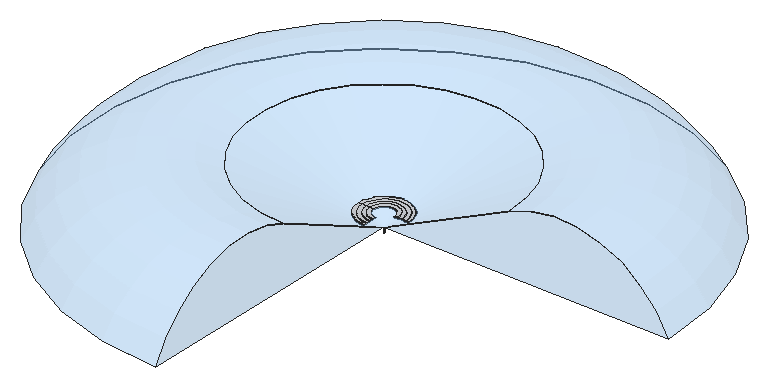
Revit family "HUNTER_I-25-04", category Sprinklers, Revit 2017
Family settings
  Maintain Annotation Orientation = No
  Round Connector Dimension = Use Diameter
  Part Type = Normal
  OmniClass Number = 23.11.27.15.11.11
  OmniClass Title = Installed Sprinkler Heads
  Work Plane-Based = No
  Always vertical = Yes
  Cut with Voids When Loaded = No
  Shared = Yes
  Room Calculation Point = No
Parameters (values of type "I-25-04-High speed 25 Dk. Blue-6.0bar-19.80m")
  Water Pattern = Water Arc : Water Arc
  Water = Water
  Valid Trajectory Arc [instance] = if(Trajectory Arc < Arc Min, Arc Min, if(Trajectory Arc > Arc Max, Arc Max, Trajectory Arc))  # 270.00°
  URL = "https://www.hunterindustries.com/irrigation-product/rotors/i-25"
  Type Image = <None>
  Type Comments = "Rotor I-25-04 with Plastic Riser"
  Trajectory Ref [instance] = (if(Trajectory Arc < Arc Min, Arc Min, if(Trajectory Arc > Arc Max, Arc Max, Trajectory Arc))) / 1.00°  # 270
  Trajectory Radius = 19800.000 mm
  Trajectory Angle = 25.00°  # constant formula
  Symbol = I-25-04 Symbol : I-25-04 Symbol
  Show Water Spray = yes
  Show 2D Symbol = yes
  Riser Material = I-25-04 : I-25-04
  Pressure = 600.0 kPa
  Precipitation Rate = "34 mm/hr"
  Pop Up Material = Hunter® ABS Plastic
  Pop Up Height = 100.000 mm  # constant formula
  Nozzle Tag = "I-25-04-High Speed 25 Dk. Blue"
  Model = "I-25-04-High Speed 25 Dk. Blue"
  Keynote = "328423.02"
  Inlet Size = "1\" BSP"
  Connection_Dia = 30.000 mm  # constant formula
  Nozzle Size = "Hunter® (25 Dk. Blue) High Speed Nozzle"
  Exposed Diameter = 50.000 mm  # constant formula
  Body Material = Hunter® ABS Plastic
  Manufacturer = "Hunter® Industries"
  Product Flow [instance] = 110.0 L/min
  Diameter = 609.6 mm
  Description = "Hunter I-25-04 Rotor Body with Preinstalled Check in Valve and (25 Dk. Blue) High Speed Nozzle"
  Body Height = 200.000 mm  # constant formula
  Assembly Code = "G2050700"
  Trajectory Arc [instance] = 270.00°
  Arc Min = 50.00°  # constant formula
  Arc Max = 360.00°  # constant formula
Types (10, lengths in mm): name | Valid Trajectory Arc | Trajectory Ref | Trajectory Radius | Pressure | Precipitation Rate | Nozzle Tag | Model | Nozzle Size | Product Flow | Description | Trajectory Arc
  I-25-04-Standard 7 Orange-5.0bar-14.90m | 360.00° | 360 | 14900.000 | 500.0 kPa | "16 mm/hr" | "I-25-04-7 Orange" | "I-25-04- Standard 7 Orange" | "Hunter® (7 Orange) Standard Nozzle" | 30.1 L/min | "Hunter I-25-04 Rotor Body with Preinstalled Check in Valve and (7 Orange) Standard Nozzle" | 360.00°
  I-25-04-Standard 10 Lt.Green-5.0bar-16.20m | 360.00° | 360 | 16200.000 | 500.0 kPa | "21 mm/hr" | "I-25-04-10 Lt. Green" | "I-25-04-Standard 10 Lt. Green" | "Hunter® (10 Lt. Green) Standard Nozzle" | 46.3 L/min | "Hunter I-25-04 Rotor Body with Preinstalled Check in Valve and (10 Lt. Green) Standard Nozzle" | 360.00°
  I-25-04-Standard 15 Grey-5.0bar-17.40m | 360.00° | 360 | 17400.000 | 500.0 kPa | "23 mm/hr" | "I-25-04-15 Grey" | "I-25-04-Standard 15 Grey" | "Hunter® (15 Grey) Standard Nozzle" | 58.8 L/min | "Hunter I-25-04 Rotor Body with Preinstalled Check in Valve and (15 Grey) Standard Nozzle" | 360.00°
  I-25-04-Standard 20 Dk. Brown-5.50bar-19.50m | 360.00° | 360 | 19500.000 | 550.0 kPa | "25 mm/hr" | "I-25-04-20 Dk. Brown" | "I-25-04-Standard 20 Dk. Brown" | "Hunter® (20 Dk. Brown) Standard Nozzle" | 77.7 L/min | "Hunter I-25-04 Rotor Body with Preinstalled Check in Valve and (20 Dk. Brown) Standard Nozzle" | 360.00°
  I-25-04-Standard 25 Dk. Blue-6.0bar-21.00m | 360.00° | 360 | 21000.000 | 600.0 kPa | "30 mm/hr" | "I-25-04-25 Dk. Blue" | "I-25-04- Standard 25 Dk. Blue" | "Hunter® (25 Dk. Blue) Standard Nozzle" | 110.0 L/min | "Hunter I-25-04 Rotor Body with Preinstalled Check in Valve and (25 Dk. Blue) Standard Nozzle" | 360.00°
  I-25-04-High speed 7 Orange-5.0bar-13.40m | 270.00° | 270 | 13400.000 | 500.0 kPa | "21 mm/hr" | "I-25-04-High Speed 7 Orange" | "I-25-04-High Speed 7 Orange" | "Hunter® (7 Orange) High Speed Nozzle" | 31.1 L/min | "Hunter I-25-04 Rotor Body with Preinstalled Check in Valve and (7 Orange) High Speed Nozzle" | 270.00°
  I-25-04-High speed 10 Lt.Green-5.0bar-14.90m | 270.00° | 270 | 14900.000 | 500.0 kPa | "25 mm/hr" | "I-25-04-High Speed 10 Lt. Green" | "I-25-04-High Speed 10 Lt. Green" | "Hunter® (10 Lt. Green) High Speed Nozzle" | 46.3 L/min | "Hunter I-25-04 Rotor Body with Preinstalled Check in Valve and (10 Lt. Green) Standard Nozzle" | 270.00°
  I-25-04-High speed 15 Grey-5.0bar-16.20m | 270.00° | 270 | 16200.000 | 500.0 kPa | "27 mm/hr" | "I-25-04-High Speed 15 Grey" | "I-25-04-High Speed 15 Grey" | "Hunter® (15 Grey) High Speed Nozzle" | 58.8 L/min | "Hunter I-25-04 Rotor Body with Preinstalled Check in Valve and (15 Grey) High Speed Nozzle" | 270.00°
  I-25-04-High speed 20 Dk. Brown-5.50bar-17.70m | 270.00° | 270 | 17700.000 | 550.0 kPa | "30 mm/hr" | "I-25-04-High Speed 20 Dk. Brown" | "I-25-04-High Speed 20 Dk. Brown" | "Hunter® (20 Dk. Brown) High Speed Nozzle" | 77.7 L/min | "Hunter I-25-04 Rotor Body with Preinstalled Check in Valve and (20 Dk. Brown) High Speed Nozzle" | 270.00°
  I-25-04-High speed 25 Dk. Blue-6.0bar-19.80m | 270.00° | 270 | 19800.000 | 600.0 kPa | "34 mm/hr" | "I-25-04-High Speed 25 Dk. Blue" | "I-25-04-High Speed 25 Dk. Blue" | "Hunter® (25 Dk. Blue) High Speed Nozzle" | 110.0 L/min | "Hunter I-25-04 Rotor Body with Preinstalled Check in Valve and (25 Dk. Blue) High Speed Nozzle" | 270.00°
Reference planes
  plane 1 "Center (Front/Back)": y = 0
  plane 2: z = 0
  plane 3 "Center (Left/Right)": x = 0
Lines and regions (mm)
  model lines
    curve 1: circle (0, 0, 0) r 25 normal (0, 0, 1)
    curve 2: line (25, 0, 0) -> (-25, 0, 0)
    curve 3: line (0, 25, 0) -> (0, -25, 0)
Dimensions and locks
  aligned and locked: level to plane 2
Nested families
  nested 1: "Water Arc" at (0, 0, 90), type <- "Water Pattern", visible <- "Show Water Spray", type "Water Arc"
    with r1 8367.842 mm, Trajectory Arc 270.00°, Radius 19800.000 mm
  nested 2: "I-25-04" at (0, 0, 0), type <- "Riser Material", type "I-25-04"
  nested 3: "I-25-04 Symbol" at (0, 0, 1000), Trajectory Arc <- "Valid Trajectory Arc", type <- "Symbol", visible <- "Show 2D Symbol", type "I-25-04 Symbol"
    with Trajectory Ref 270, Trajectory Arc 270.00°, Ann Trajectory 270.00°
Connectors
  piping at (0, 0, -190.562), diameter 32, driven by "Product Flow"
    settings: on nested 2, index 2, connector inside diameter 609.6 mm, connector length 0.000 mm, flow factor 0, pipe flow 110.0 L/min, pressure drop 0.0 kPa, fitting loss kfactor 0, connector angle 0.00°, fixture units 0, engagement length 0.000 mm, angle of deflection 0.00°, flow configuration 0, flow direction 1, fitting loss method 2, system type 29, joint type 0, gender type 0, connector reference index -1, connector utility 0, adjustable connector no, is connector primary yes, connector description ""
Definition of nested family "Water Arc"
  Parameters (values of type "Water Arc")
    r1 = Radius * sin(Arc_Angle)  # 1901.782 mm
    Trajectory Arc = 180.00°
    Radius = 4500.000 mm
    Material = none
    Arc_Angle = 25.00°
  Reference planes
    plane 1 "Center (Front/Back)": y = 0
    plane 2: z = 0
    plane 3 "Center (Left/Right)": x = 0
  Forms (mm)
    Revolve 1, solid, material <- "Material"
      sketch origin (0, 0, 100) x (1, 0, 0) y (0, 0, 1)
        loop
          line (0, -100) -> (4500, -100)
          arc (4500, -100) -> (3426.848, 883.363) -> (1972.672, 819.872) r 1901.782
          line (1972.672, 819.872) -> (0, -100)
        axis (0, -100) -> (0, 819.872)
      angle from 0 to 180 <- "Trajectory Arc"
  Dimensions and locks
    "Radius": Revolve 1 sketch curve to plane 3 "Center (Left/Right)"
    "r1": radius of Revolve 1 sketch curve
    "Arc_Angle": angle Revolve 1 sketch curve to Revolve 1 sketch curve
    aligned and locked: level to plane 2
    aligned and locked: plane 3 "Center (Left/Right)" to Revolve 1 sketch curve
    aligned and locked: Revolve 1 sketch curve to level
  Automatic sketch dimensions
    Revolve 1 sketch curve to plane 3 "Center (Left/Right)" = 0.000 mm
    Revolve 1 sketch curve to Revolve 1 sketch curve = 191.442 mm
    Revolve 1 sketch curve to Revolve 1 sketch curve = 1280.000 mm
Definition of nested family "I-25-04"
  Parameters (values of type "I-25-04")
    R_Pipe_Connection = 15.671 mm
    Pop_Up = 100.000 mm
    ON = yes
    Material = none
    Dia = 25.315 mm
    Body_Height = 190.000 mm
  Reference planes
    plane 1 "Center (Front/Back)": y = 0
    plane 2: z = 0
    plane 3 "Center (Left/Right)": x = 0
  Forms (mm)
    Revolve 1, solid
      sketch origin (0, 0, 0) x (1, 0, 0) y (0, 0, 1)
        loop
          line (0, 6.425) -> (0, -190.562) -> (16, -190.562) -> (16, -192.562) -> (24.619, -192.562)
          arc (24.619, -192.562) -> (25.444, -192.316) -> (25.999, -191.659) r 1.506
          line (25.999, -191.659) -> (29.854, -182.838) -> (29.854, -83.62) -> (36.138, -54.874) -> (36.138, -35.586) -> (35.491, -18.744)
          arc (35.491, -18.744) -> (34.705, -15.935) -> (32.733, -13.786) r 6.274
          line (32.733, -13.786) -> (27.279, -8.332) -> (26.279, -8.332) -> (26.279, -5.86) -> (23.214, 0) -> (23.214, 4.166)
          arc (23.214, 4.166) -> (22.552, 5.763) -> (20.955, 6.425) r 2.259
          line (20.955, 6.425) -> (0, 6.425)
        axis (0, 6.425) -> (0, -192.562)
      angle from 0 to 360
    Extrusion 2, solid, visible <- "ON"
      sketch origin (0, 0, 0) x (1, 0, 0) y (0, 1, 0)
        loop
          circle (0, 0) r 20
      from 0 to 100
    Revolve 3, solid, material <- "Material", visible <- "ON"
      sketch origin (0, 0, 0) x (1, 0, 0) y (0, 0, 1)
        loop
          arc (23.214, 104.166) -> (22.552, 105.763) -> (20.955, 106.425) r 2.259
          line (20.955, 106.425) -> (0, 106.425) -> (0, 100) -> (23.214, 100) -> (23.214, 104.166)
        axis (0, 106.425) -> (0, 100)
      angle from 0 to 360
  Dimensions and locks
    aligned and locked: level to plane 2
    aligned and locked: Revolve 3 to Extrusion 2
Definition of nested family "I-25-04 Symbol"
  Parameters (values of type "I-25-04 Symbol")
    Trajectory Ref [instance] = Trajectory Arc / 1.00°  # 50
    Trajectory Arc [instance] = 50.00°
    Nozzle Tag = M_Label Annotation : M_Label Annotation
    Ann Trajectory [instance] = Trajectory Arc  # 50.00°
  Reference planes
    plane 1 "Center (Front/Back)": y = 0
    plane 2: z = 0
    plane 3 "Center (Left/Right)": x = 0
  Forms (mm)
    Extrusion 1, solid
      sketch origin (0, 0, 0) x (1, 0, 0) y (0, 1, 0)
        loop
          circle (0, 0) r 1750
        loop
          circle (0, 0) r 700
      from 0 to 50
    Revolve 2, void
      sketch origin (0, 0, 0) x (1, 0, 0) y (0, 0, 1)
        loop
          line (700, 90) -> (700, 20) -> (960, 50) -> (960, 20) -> (1220, 50) -> (1220, 20) -> (1480, 50) -> (1480, 20) -> (1750, 51.154) -> (1750, 90) -> (700, 90)
        axis (0, 90) -> (0, 20)
      angle from 360 to 0
    Revolve 3, void
      sketch origin (0, 0, 0) x (1, 0, 0) y (0, 0, 1)
        loop
          line (0, 149.939) -> (0, -50.061) -> (1810, -50.061) -> (1810, 149.939) -> (0, 149.939)
        axis (0, 149.939) -> (0, -50.061)
      angle from 359 to 50 <- "Trajectory Arc"
  Cuts and joins
    Revolve 2, Revolve 3 cuts Extrusion 1
  Dimensions and locks
    aligned and locked: plane 2 to level
